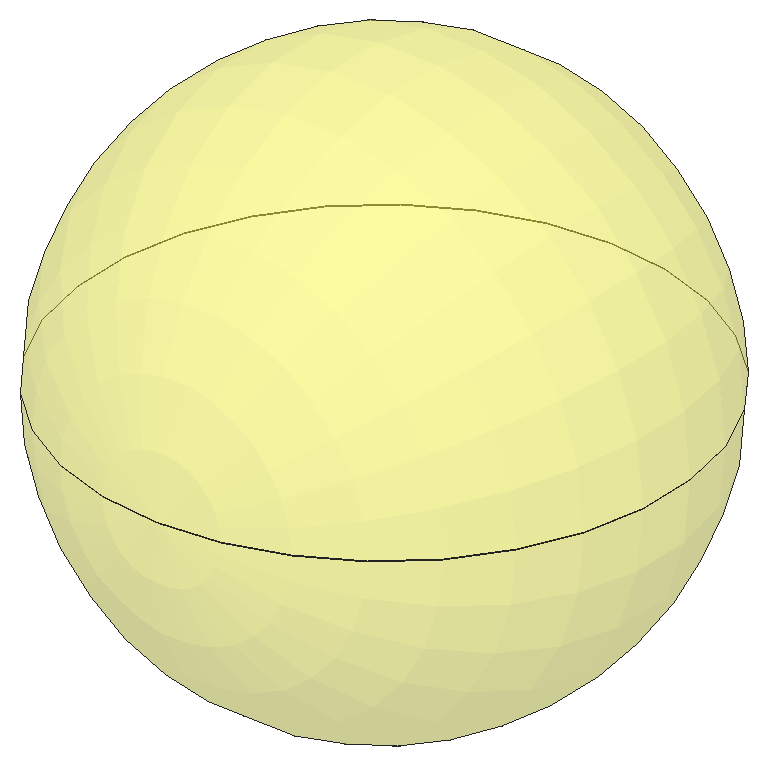
Revit family "ClashPoint", category Обобщенные модели, Revit 2023
Family settings
  Может служить основой для арматурных стержней = Нет
  Размер круглого соединителя = Использовать диаметр
  Тип детали = Нормальный
  На основе рабочей плоскости = Нет
  Всегда вертикально = Да
  При загрузке вырезать с полостями = Нет
  Сохранять ориентацию аннотаций = Нет
  Общий = Нет
  Точка принадлежности помещению = Нет
Parameters (values of type "ClashPoint")
  Отметка по умолчанию = 0 mm
  Комментарии к типоразмеру = "ClashPoint"  # constant formula
  Ключевая пометка = "SYS"  # constant formula
  Группа модели = "NavisWorks"  # constant formula
Reference planes
  plane 1 "По центру (Вперед/Назад)": y = 0
  plane 2: z = 0
  plane 3 "По центру (Влево/Вправо)": x = 0
Forms (mm)
  Revolve 1, solid, material "NavisWorks_ClashObject"
    sketch origin (0, 0, 0) x (1, 0, 0) y (0, 1, 0)
      loop
        arc (0, 500) -> (-500, 0) -> (0, -500) r 500
        line (0, -500) -> (0, 500)
      axis (0, 500) -> (0, -500)
    angle from 0 to 360
Lines and regions (mm)
  model lines, style "NavisWorks_ClashPoint"
    curve 1: circle (0, 0, 0) r 500 normal (0, 0, 1)
    curve 2: circle (0, 0, 0) r 500 normal (0, -1, 0)
    curve 3: circle (0, 0, 0) r 500 normal (1, 0, 0)
    curve 4: line (0, -750, 0) -> (0, 750, 0)
    curve 5: line (-750, 0, 0) -> (750, 0, 0)
    curve 6: line (0, 0, -750) -> (0, 0, 750)
Dimensions and locks
  aligned and locked: level to plane 2
